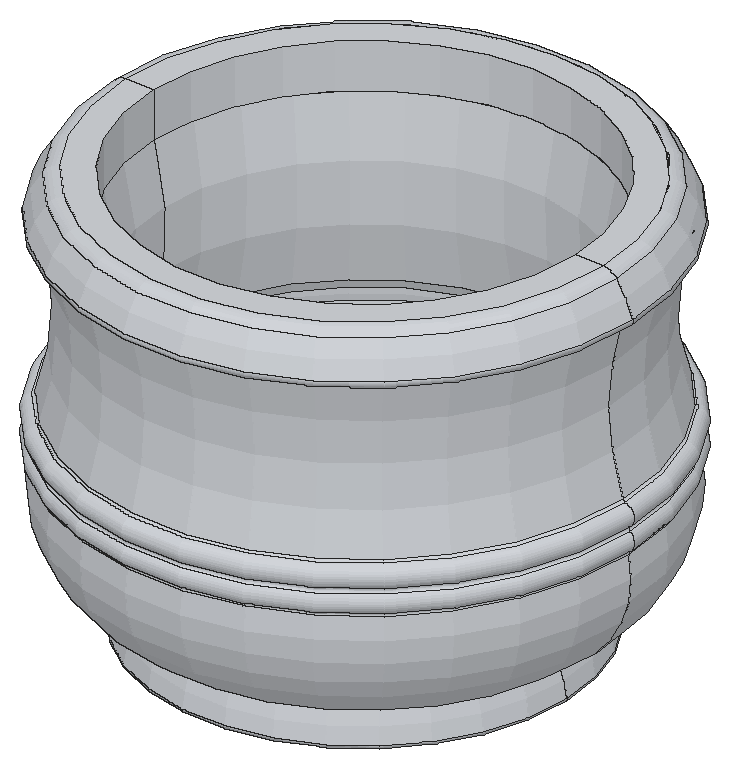
Revit family
Parameters (values of type "SBSP-141.4")
  Width = 4' - 0"
  URL = "www.strombergarchitectural.com"
  Top Material = GFRC
  Submittal Sheet = "www.strombergarchitectural.com/images/materials/gfrc/submittal/gfrc-submittal-sheet.pdf"
  Specifications = "www.strombergarchitectural.com/gfrcspecifications"
  Model Cut-sheet = "www.strombergarchitectural.com/products/bollards/design/SBSP-141"
  Model = "SBSP-141"
  Manufacturer = "Stromberg Architectural Products"
  Guidebook = "www.strombergarchitectural.com/images/materials/gfrc/handbooks/gfrc_guidebook.pdf"
  Frame Material = none
  Description = "GFRC Bollard"
  Assembly Code = ""
  Height = 3' - 0"
  XXX.5 = no
  XXX.4 = yes
  XXX.3 = no
  XXX.2 = no
  XXX.1 = no
Types (5): name | Width | Guidebook | Height | XXX.4 | XXX.3 | XXX.2 | XXX.1
  (no name) | 4' - 0" | "www.strombergarchitectural.com/images/materials/gfrc/handbooks/gfrc_guidebook.pdf" | 3' - 0" | yes | no | no | no
  SBSP-141.3 | 3' - 4" | "www.strombergarchitectural.com/images/materials/gfrc/handbooks/gfrc_guidebook.pdf" | 2' - 6" | no | yes | no | no
  SBSP-141.1 | 2' - 0" | "www.strombergarchitectural.com/images/materials/gfrc/handbooks/gfrc_guidebook.pdf   \r\n(http://www.strombergarchitectural.com/images/materials/gfrc/handbooks/gfrc_guidebook.pdf" | 1' - 6" | no | no | no | yes
  SBSP-141.2 | 2' - 8" | "www.strombergarchitectural.com/images/materials/gfrc/handbooks/gfrc_guidebook.pdf" | 2' - 0" | no | no | yes | no
  SBSP-141.4 | 4' - 0" | "www.strombergarchitectural.com/images/materials/gfrc/handbooks/gfrc_guidebook.pdf" | 3' - 0" | yes | no | no | no
Reference planes (in)
  plane 1 "Center (Front/Back)": y = 3.74847
  plane 2: z = 0
  plane 3 "Center (Left/Right)": x = 0.7278
Forms (in)
  Revolve 1, solid, visible <- "XXX.1"
    sketch origin (90.2363, -5.75153, 48) x (0, 0, -1) y (1, 0, 0)
      loop
        line (29.99141, -78.88398) -> (29.99141, -80.13058) -> (31.99141, -80.13058)
        arc (31.99141, -80.13058) -> (35.84191, -80.61517) -> (39.6609, -79.92491) r 12.81501
        arc (39.6609, -79.92491) -> (39.85472, -79.84754) -> (40.04005, -79.75156) r 2.13
        arc (40.04005, -79.75156) -> (40.31102, -79.74088) -> (40.57843, -79.69586) r 2.13
        arc (40.57843, -79.69586) -> (41.04714, -79.75956) -> (41.51835, -79.71824) r 2.13
        arc (41.51835, -79.71824) -> (43.40918, -80.025) -> (44.62974, -81.50134) r 2.72201
        arc (44.62974, -81.50134) -> (45.17921, -82.33394) -> (46.0625, -82.79757) r 2
        line (46.0625, -82.79757) -> (46.0625, -89.5085) -> (48, -89.5085) -> (48, -80.65295)
        arc (48, -80.65295) -> (47.95528, -80.55483) -> (47.85189, -80.52421) r 0.13
        arc (47.85189, -80.52421) -> (47.17686, -80.64849) -> (46.52099, -80.85083) r 5.86125
        arc (46.52099, -80.85083) -> (44.40362, -78.28975) -> (41.1235, -77.7576) r 4.72201
        arc (41.1235, -77.7576) -> (41.0512, -77.75151) -> (40.99342, -77.70761) r 0.13
        arc (40.99342, -77.70761) -> (40.59579, -77.50548) -> (40.195, -77.70128) r 0.5
        arc (40.195, -77.70128) -> (40.09183, -77.75219) -> (39.98865, -77.70128) r 0.13
        arc (39.98865, -77.70128) -> (39.46751, -77.52117) -> (39.09755, -77.93002) r 0.5
        arc (39.09755, -77.93002) -> (39.06883, -77.99373) -> (39.01127, -78.03336) r 0.13
        arc (39.01127, -78.03336) -> (35.51705, -78.61976) -> (32.02083, -78.04542) r 10.81501
        line (32.02083, -78.04542) -> (31.98943, -77.7974)
        arc (31.98943, -77.7974) -> (31.87763, -77.61917) -> (31.66936, -77.58941) r 0.25
        arc (31.66936, -77.58941) -> (30.95085, -77.876) -> (30.29292, -78.28285) r 4.44363
        arc (30.29292, -78.28285) -> (30.07102, -78.54773) -> (29.99141, -78.88398) r 0.75
      axis (29.99141, -89.5085) -> (48, -89.5085)
    angle from 0 to 360
  Revolve 2, solid, visible <- "XXX.2"
    sketch origin (90.2363, -5.75153, 48) x (0, 0, -1) y (1, 0, 0)
      loop
        line (23.98855, -75.31123) -> (23.98855, -76.97335) -> (26.65522, -76.97335)
        arc (26.65522, -76.97335) -> (31.78921, -77.61948) -> (36.8812, -76.69914) r 17.08668
        arc (36.8812, -76.69914) -> (37.13963, -76.59597) -> (37.38673, -76.468) r 2.84
        arc (37.38673, -76.468) -> (37.74802, -76.45376) -> (38.10458, -76.39373) r 2.84
        arc (38.10458, -76.39373) -> (38.72952, -76.47866) -> (39.3578, -76.42357) r 2.84
        arc (39.3578, -76.42357) -> (41.8789, -76.83258) -> (43.50632, -78.80103) r 3.62935
        arc (43.50632, -78.80103) -> (44.23895, -79.91117) -> (45.41667, -80.52934) r 2.66667
        line (45.41667, -80.52934) -> (45.41667, -89.5085) -> (48, -89.5085) -> (48, -77.66984)
        arc (48, -77.66984) -> (47.94037, -77.53902) -> (47.80252, -77.4982) r 0.17333
        arc (47.80252, -77.4982) -> (46.90248, -77.66391) -> (46.02799, -77.93369) r 7.81501
        arc (46.02799, -77.93369) -> (43.20483, -74.51892) -> (38.83134, -73.80939) r 6.29601
        arc (38.83134, -73.80939) -> (38.73493, -73.80126) -> (38.6579, -73.74273) r 0.17333
        arc (38.6579, -73.74273) -> (38.12772, -73.47323) -> (37.59334, -73.73429) r 0.66667
        arc (37.59334, -73.73429) -> (37.45577, -73.80217) -> (37.3182, -73.73429) r 0.17333
        arc (37.3182, -73.73429) -> (36.62335, -73.49414) -> (36.13007, -74.03928) r 0.66667
        arc (36.13007, -74.03928) -> (36.09177, -74.12422) -> (36.01502, -74.17706) r 0.17333
        arc (36.01502, -74.17706) -> (31.35607, -74.95893) -> (26.69444, -74.19315) r 14.42001
        line (26.69444, -74.19315) -> (26.65258, -73.86245)
        arc (26.65258, -73.86245) -> (26.50351, -73.62481) -> (26.22581, -73.58512) r 0.33333
        arc (26.22581, -73.58512) -> (25.26779, -73.96725) -> (24.39056, -74.50972) r 5.92484
        arc (24.39056, -74.50972) -> (24.09469, -74.86289) -> (23.98855, -75.31123) r 1
      axis (23.98855, -89.5085) -> (48, -89.5085)
    angle from 0 to 360
  Revolve 3, solid, visible <- "XXX.3"
    sketch origin (90.2363, -5.75153, 48) x (0, 0, -1) y (1, 0, 0)
      loop
        line (17.98569, -71.76972) -> (17.98569, -73.84738) -> (21.31902, -73.84738)
        arc (21.31902, -73.84738) -> (27.73651, -74.65504) -> (34.1015, -73.50461) r 21.35835
        arc (34.1015, -73.50461) -> (34.42454, -73.37565) -> (34.73341, -73.21569) r 3.55
        arc (34.73341, -73.21569) -> (35.18503, -73.19789) -> (35.63072, -73.12286) r 3.55
        arc (35.63072, -73.12286) -> (36.4119, -73.22902) -> (37.19725, -73.16015) r 3.55
        arc (37.19725, -73.16015) -> (40.34863, -73.67142) -> (42.3829, -76.13198) r 4.53668
        arc (42.3829, -76.13198) -> (43.29868, -77.51965) -> (44.77083, -78.29236) r 3.33333
        line (44.77083, -78.29236) -> (44.77083, -89.5085) -> (48, -89.5085) -> (48, -74.71799)
        arc (48, -74.71799) -> (47.92547, -74.55446) -> (47.75315, -74.50344) r 0.21667
        arc (47.75315, -74.50344) -> (46.6281, -74.71057) -> (45.53499, -75.0478) r 9.76876
        arc (45.53499, -75.0478) -> (42.00604, -70.77934) -> (36.53917, -69.89242) r 7.87001
        arc (36.53917, -69.89242) -> (36.41866, -69.88226) -> (36.32237, -69.80909) r 0.21667
        arc (36.32237, -69.80909) -> (35.65965, -69.47222) -> (34.99167, -69.79855) r 0.83333
        arc (34.99167, -69.79855) -> (34.81971, -69.8834) -> (34.64776, -69.79855) r 0.21667
        arc (34.64776, -69.79855) -> (33.77918, -69.49836) -> (33.16259, -70.17979) r 0.83333
        arc (33.16259, -70.17979) -> (33.11471, -70.28597) -> (33.01878, -70.35202) r 0.21667
        arc (33.01878, -70.35202) -> (27.19508, -71.32935) -> (21.36805, -70.37212) r 18.02502
        line (21.36805, -70.37212) -> (21.31572, -69.95875)
        arc (21.31572, -69.95875) -> (21.12939, -69.6617) -> (20.78226, -69.61209) r 0.41667
        arc (20.78226, -69.61209) -> (19.58474, -70.08975) -> (18.48821, -70.76784) r 7.40605
        arc (18.48821, -70.76784) -> (18.11836, -71.2093) -> (17.98569, -71.76972) r 1.25
      axis (17.98569, -89.5085) -> (48, -89.5085)
    angle from 0 to 360
  Revolve 4, solid, visible <- "XXX.4"
    sketch origin (90.2363, -5.75153, 48) x (0, 0, -1) y (1, 0, 0)
      loop
        line (11.98283, -68.22821) -> (11.98283, -70.72141) -> (15.98283, -70.72141)
        arc (15.98283, -70.72141) -> (23.68381, -71.69059) -> (31.32179, -70.31008) r 25.63002
        arc (31.32179, -70.31008) -> (31.70945, -70.15532) -> (32.08009, -69.96337) r 4.26
        arc (32.08009, -69.96337) -> (32.62203, -69.94202) -> (33.15687, -69.85198) r 4.26
        arc (33.15687, -69.85198) -> (34.09428, -69.97937) -> (35.0367, -69.89673) r 4.26
        arc (35.0367, -69.89673) -> (38.81836, -70.51025) -> (41.25948, -73.46292) r 5.44402
        arc (41.25948, -73.46292) -> (42.35842, -75.12813) -> (44.125, -76.05538) r 4
        line (44.125, -76.05538) -> (44.125, -89.5085) -> (48, -89.5085) -> (48, -71.76614)
        arc (48, -71.76614) -> (47.91056, -71.56991) -> (47.70378, -71.50868) r 0.26
        arc (47.70378, -71.50868) -> (46.35372, -71.75723) -> (45.04199, -72.16191) r 11.72251
        arc (45.04199, -72.16191) -> (40.80725, -67.03976) -> (34.24701, -65.97546) r 9.44402
        arc (34.24701, -65.97546) -> (34.1024, -65.96327) -> (33.98685, -65.87546) r 0.26
        arc (33.98685, -65.87546) -> (33.19158, -65.47122) -> (32.39001, -65.86281) r 1
        arc (32.39001, -65.86281) -> (32.18366, -65.96463) -> (31.97731, -65.86281) r 0.26
        arc (31.97731, -65.86281) -> (30.93502, -65.50259) -> (30.1951, -66.3203) r 1
        arc (30.1951, -66.3203) -> (30.13766, -66.44771) -> (30.02253, -66.52697) r 0.26
        arc (30.02253, -66.52697) -> (23.0341, -67.69977) -> (16.04166, -66.5511) r 21.63002
        line (16.04166, -66.5511) -> (15.97887, -66.05505)
        arc (15.97887, -66.05505) -> (15.75527, -65.69859) -> (15.33871, -65.63906) r 0.5
        arc (15.33871, -65.63906) -> (13.90169, -66.21224) -> (12.58585, -67.02595) r 8.88726
        arc (12.58585, -67.02595) -> (12.14203, -67.55571) -> (11.98283, -68.22821) r 1.5
      axis (11.98283, -89.5085) -> (48, -89.5085)
    angle from 0 to 360
Dimensions and locks (in)
  aligned and locked: level to plane 2
